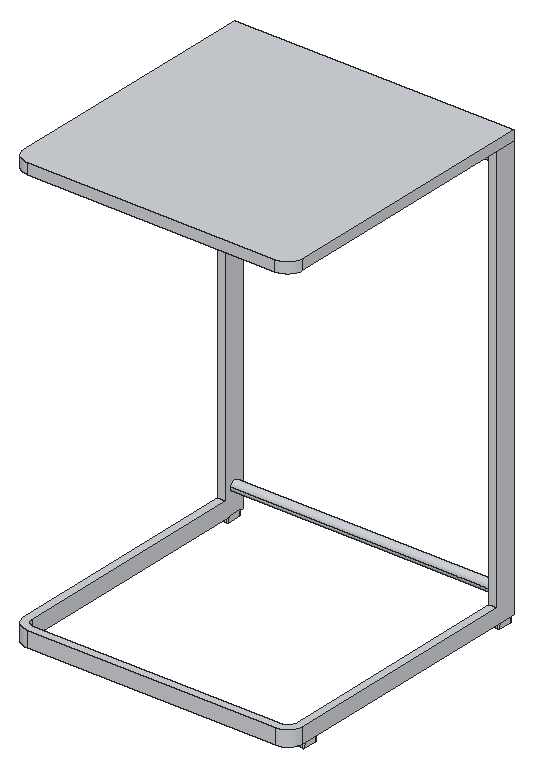
Revit family "Keilhauer_Pact_Mid Table_77411", category Furniture, Revit 2017
Family settings
  OmniClass Number = 23.40.70.14.64.11
  OmniClass Title = Office Furniture
  Work Plane-Based = No
  Always vertical = Yes
  Cut with Voids When Loaded = No
  Shared = No
  Room Calculation Point = No
Parameters (values of type "Mid Table Laminate top")
  Type = 2
  Steel Top = Type = 1  # no
  Laminate Top = Type = 2  # yes
  Base [instance] = none
  Glides [instance] = none
  URL = "http://www.keilhauer.com/"
  Product Documentation Link = "http://www.keilhauer.com/"
  Model = "77411"
  Manufacturer = "Keilhauer, Corp."  # constant formula
  Description = "Medium nesting table with laminate top"
  Copyright © = "© 2021 Keilhauer, Corp."  # constant formula
  Catalog = "Pact"  # constant formula
  Table Top [instance] = none
  Authoring Version = "Autodesk Revit 2015"  # constant formula
  Assembly Code = "E2020200"
Types (2): name | Type | Steel Top | Laminate Top | Model | Description
  Mid Table Laminate top | 2 | no | yes | "77411" | "Medium nesting table with laminate top"
  Mid Table Metal top | 1 | yes | no | "77410" | "Medium nesting table with metal top"
Reference planes (in)
  plane 1 "Center (Front/Back)": y = 0
  plane 2: z = 0
  plane 3 "Center (Left/Right)": x = 0
  plane 4 "Top": z = 20.813
  plane 5 "Base": z = 0.25
  plane 6: x = 6.56697
  plane 7: x = -6.56697
Forms (in)
  Extrusion 1, solid, material <- "Table Top", visible <- "Steel Top"
    sketch origin (0, 0, 20.813) x (0, 1, 0) y (-1, 0, 0)
      loop
        line (6.53846, 6.75596) -> (-6.21353, 6.75596)
        arc (-6.21353, 6.75596) -> (-6.74386, 6.53629) -> (-6.96353, 6.00596) r 0.75
        line (-6.96353, 6.00596) -> (-6.96353, -6.00596)
        arc (-6.96353, -6.00596) -> (-6.74386, -6.53629) -> (-6.21353, -6.75596) r 0.75
        line (-6.21353, -6.75596) -> (6.53846, -6.75596) -> (6.53846, 6.75596)
    from 0 to 0.1575
  Blend 2, solid, material <- "Table Top", visible <- "Steel Top"
    base sketch origin (0, 0, 20.813) x (0, 1, 0) y (-1, 0, 0)
      loop
        line (6.53846, 6.75596) -> (-6.21353, 6.75596)
        arc (-6.21353, 6.75596) -> (-6.74386, 6.53629) -> (-6.96353, 6.00596) r 0.75
        line (-6.96353, 6.00596) -> (-6.96353, -6.00596)
        arc (-6.96353, -6.00596) -> (-6.74386, -6.53629) -> (-6.21353, -6.75596) r 0.75
        line (-6.21353, -6.75596) -> (6.53846, -6.75596) -> (6.53846, 6.75596)
    top sketch origin (0, 0, 20.813) x (0, 1, 0) y (-1, 0, 0)
      loop
        line (6.50846, 6.72596) -> (-6.21154, 6.72596)
        arc (-6.21154, 6.72596) -> (-6.72066, 6.51508) -> (-6.93154, 6.00596) r 0.72
        line (-6.93154, 6.00596) -> (-6.93154, -6.00596)
        arc (-6.93154, -6.00596) -> (-6.72066, -6.51508) -> (-6.21154, -6.72596) r 0.72
        line (-6.21154, -6.72596) -> (6.50846, -6.72596) -> (6.50846, 6.72596)
    from 0.1575 to 0.1875
  Extrusion 3, solid, material <- "Base"
    sketch origin (6.56697, 5.53647, 47.24409) x (0, -1, 0) y (0, 0, 1)
      loop
        line (-0.6875, -27.18109) -> (-0.3125, -27.18109) -> (-0.3125, -26.43109) -> (-0.6875, -26.43109) -> (-0.6875, -27.18109)
      loop
        circle (-0.5, -45.7439) r 0.25
    from 0 to 13.13394
  Extrusion 4, solid, material <- "Base"
    sketch origin (-10.25149, -60, 0.25) x (-1, 0, 0) y (0, -1, 0)
      loop
        line (-3.49553, -66.53647) -> (-3.49553, -65.53647) -> (-3.86904, -65.53647) -> (-3.86904, -66.53647) -> (-3.49553, -66.53647)
      loop
        line (-16.63096, -66.53647) -> (-16.63096, -65.53647) -> (-17.00745, -65.53647) -> (-17.00745, -66.53647) -> (-16.63096, -66.53647)
    from 0 to 20.563
  Sweep 5, solid, material <- "Base"
    path origin (0, 0, 20.813) x (0, 1, 0) y (-1, 0, 0)
      loop
        line (6.01233, 4.38245) -> (-2.28103, 4.38245)
        arc (-2.28103, 4.38245) -> (-2.81136, 4.16278) -> (-3.03103, 3.63245) r 0.75
        line (-3.03103, 3.63245) -> (-3.03103, -3.63245)
        arc (-3.03103, -3.63245) -> (-2.81136, -4.16278) -> (-2.28103, -4.38245) r 0.75
        line (-2.28103, -4.38245) -> (6.01233, -4.38245)
    profile origin (-4.38245, 1.86565, 20.813) x (1, 0, 0) y (0, 0, 1)
      loop
        line (0.375, -0.75) -> (0.375, 0) -> (0, 0) -> (0, -0.75) -> (0.375, -0.75)
  Sweep 6, solid, material <- "Base"
    path origin (-10.25149, -60.824, 0.25) x (-1, 0, 0) y (0, -1, 0)
      loop
        line (-16.63394, -66.86029) -> (-16.63394, -54.60547)
        arc (-16.63394, -54.60547) -> (-16.52557, -54.34384) -> (-16.26394, -54.23547) r 0.37
        line (-16.26394, -54.23547) -> (-4.23904, -54.23547)
        arc (-4.23904, -54.23547) -> (-3.97741, -54.34384) -> (-3.86904, -54.60547) r 0.37
        line (-3.86904, -54.60547) -> (-3.86904, -66.86029)
    profile origin (-6.38245, -0.09112, 0.25) x (-1, 0, 0) y (0, 0, 1)
      loop
        line (0, 0.75) -> (0, 0) -> (0.375, 0) -> (0.375, 0.75) -> (0, 0.75)
  Extrusion 7, solid, material <- "Glides"
    sketch origin (0, 0, 0) x (1, 0, 0) y (0, 1, 0)
      loop
        arc (-6.69596, 6.41022) -> (-6.73839, 6.39265) -> (-6.75596, 6.35022) r 0.06
        line (-6.75596, 6.35022) -> (-6.75596, 5.72236)
        arc (-6.75596, 5.72236) -> (-6.73839, 5.67994) -> (-6.69596, 5.66236) r 0.06
        line (-6.69596, 5.66236) -> (-6.44245, 5.66236)
        arc (-6.44245, 5.66236) -> (-6.40002, 5.67994) -> (-6.38245, 5.72236) r 0.06
        line (-6.38245, 5.72236) -> (-6.38245, 6.35022)
        arc (-6.38245, 6.35022) -> (-6.40002, 6.39265) -> (-6.44245, 6.41022) r 0.06
        line (-6.44245, 6.41022) -> (-6.69596, 6.41022)
      loop
        line (-6.69596, -6.14191) -> (-6.44245, -6.14191)
        arc (-6.44245, -6.14191) -> (-6.40002, -6.12433) -> (-6.38245, -6.08191) r 0.06
        line (-6.38245, -6.08191) -> (-6.38245, -5.45405)
        arc (-6.38245, -5.45405) -> (-6.40002, -5.41162) -> (-6.44245, -5.39405) r 0.06
        line (-6.44245, -5.39405) -> (-6.69596, -5.39405)
        arc (-6.69596, -5.39405) -> (-6.73839, -5.41162) -> (-6.75596, -5.45405) r 0.06
        line (-6.75596, -5.45405) -> (-6.75596, -6.08191)
        arc (-6.75596, -6.08191) -> (-6.73839, -6.12433) -> (-6.69596, -6.14191) r 0.06
      loop
        line (6.69596, 6.41022) -> (6.44245, 6.41022)
        arc (6.44245, 6.41022) -> (6.40002, 6.39265) -> (6.38245, 6.35022) r 0.06
        line (6.38245, 6.35022) -> (6.38245, 5.72236)
        arc (6.38245, 5.72236) -> (6.40002, 5.67994) -> (6.44245, 5.66236) r 0.06
        line (6.44245, 5.66236) -> (6.69596, 5.66236)
        arc (6.69596, 5.66236) -> (6.73839, 5.67994) -> (6.75596, 5.72236) r 0.06
        line (6.75596, 5.72236) -> (6.75596, 6.35022)
        arc (6.75596, 6.35022) -> (6.73839, 6.39265) -> (6.69596, 6.41022) r 0.06
      loop
        arc (6.69596, -6.14191) -> (6.73839, -6.12433) -> (6.75596, -6.08191) r 0.06
        line (6.75596, -6.08191) -> (6.75596, -5.45405)
        arc (6.75596, -5.45405) -> (6.73839, -5.41162) -> (6.69596, -5.39405) r 0.06
        line (6.69596, -5.39405) -> (6.44245, -5.39405)
        arc (6.44245, -5.39405) -> (6.40002, -5.41162) -> (6.38245, -5.45405) r 0.06
        line (6.38245, -5.45405) -> (6.38245, -6.08191)
        arc (6.38245, -6.08191) -> (6.40002, -6.12433) -> (6.44245, -6.14191) r 0.06
        line (6.44245, -6.14191) -> (6.69596, -6.14191)
    from 0 to 0.25
  Extrusion 8, solid, material <- "Table Top", visible <- "Laminate Top"
    sketch origin (0, 0, 20.813) x (0, 1, 0) y (-1, 0, 0)
      loop
        line (6.53846, 6.75596) -> (-6.21353, 6.75596)
        arc (-6.21353, 6.75596) -> (-6.74386, 6.53629) -> (-6.96353, 6.00596) r 0.75
        line (-6.96353, 6.00596) -> (-6.96353, -6.00596)
        arc (-6.96353, -6.00596) -> (-6.74386, -6.53629) -> (-6.21353, -6.75596) r 0.75
        line (-6.21353, -6.75596) -> (6.53846, -6.75596) -> (6.53846, 6.75596)
    from 0 to 0.5
Cuts and joins
  joined: Extrusion 1, Blend 2
  joined: Extrusion 3, Extrusion 4, Sweep 5, Sweep 6
Lines and regions (in)
  Masking region 1
    outline origin (0, 0, 0) x (1, 0, 0) y (0, 1, 0)
      loop
        line (-6.75596, 6.53846) -> (-6.75596, -6.21353)
        arc (-6.75596, -6.21353) -> (-6.53629, -6.74386) -> (-6.00596, -6.96353) r 0.75
        line (-6.00596, -6.96353) -> (6.00596, -6.96353)
        arc (6.00596, -6.96353) -> (6.53629, -6.74386) -> (6.75596, -6.21353) r 0.75
        line (6.75596, -6.21353) -> (6.75596, 6.53846) -> (-6.75596, 6.53846)
Dimensions and locks (in)
  equal spacing: plane 7, plane 3 "Center (Left/Right)", plane 6
  radius of Masking region 1 sketch curve = 0.750"  (x2)
  radius of Extrusion 8 sketch curve = 0.750"  (x2)
  aligned and locked: nested 1 to plane 3 "Center (Left/Right)"
  aligned and locked: plane 1 "Center (Front/Back)" to nested 1
  aligned and locked: Extrusion 1 to plane 4 "Top"
  aligned and locked: Extrusion 3 to plane 7
  aligned and locked: Extrusion 3 to plane 6
  aligned and locked: plane 4 "Top" to Extrusion 4
  aligned and locked: Extrusion 4 to plane 5 "Base"
  aligned and locked: plane 4 "Top" to Sweep 5 sketch curve
  aligned and locked: profile plane to Sweep 5 sketch curve
  aligned and locked: plane 5 "Base" to Sweep 6 sketch curve
  aligned and locked: plane 2 to Extrusion 7
  aligned and locked: plane 5 "Base" to Extrusion 7
  aligned and locked: Masking region 1 sketch curve to cut or joined group of Extrusion 1, Blend 2  (x3)
  aligned and locked: Extrusion 8 sketch curve to cut or joined group of Extrusion 1, Blend 2  (x3)
Automatic sketch dimensions
  Extrusion 3 sketch curve to plane 4 "Top" = 0.000"
  Extrusion 3 sketch curve to plane 1 "Center (Front/Back)" = 6.22397"
  plane 5 "Base" to Extrusion 3 sketch curve = 1.25019"
  Extrusion 3 sketch curve to plane 1 "Center (Front/Back)" = 6.03647"
  Extrusion 3 sketch curve to Extrusion 3 sketch curve = 0.375"
  Extrusion 3 sketch curve to Extrusion 3 sketch curve = 0.750"
  Extrusion 4 sketch curve to plane 6 = 0.18899"
  plane 6 to Extrusion 4 sketch curve = 0.1875"
  plane 7 to Extrusion 4 sketch curve = 0.18452"
  Extrusion 4 sketch curve to plane 7 = 0.18899"
  Extrusion 4 sketch curve to plane 1 "Center (Front/Back)" = 6.53647"  (x2)
  Extrusion 4 sketch curve to Extrusion 4 sketch curve = 1.000"  (x2)
  plane 1 "Center (Front/Back)" to Sweep 5 sketch curve = 3.03103"
  Sweep 5 sketch curve to Sweep 5 sketch curve = 0.750"  (x3)
  plane 6 to Sweep 5 sketch curve = 2.18452"
  plane 7 to Sweep 5 sketch curve = 2.93452"
  Sweep 5 sketch curve to plane 1 "Center (Front/Back)" = 6.01233"  (x2)
  Sweep 5 sketch curve to profile plane = 0.375"
  Sweep 6 sketch curve to profile plane = 0.000"
  Sweep 6 sketch curve to Sweep 6 sketch curve = 0.375"
  plane 5 "Base" to Sweep 6 sketch curve = 0.750"
  Extrusion 7 sketch curve to plane 7 = 0.18899"  (x2)
  Extrusion 7 sketch curve to Extrusion 7 sketch curve = 0.060"  (x12)
  plane 7 to Extrusion 7 sketch curve = 0.12452"  (x4)
  plane 6 to Extrusion 7 sketch curve = 0.18452"  (x2)
  Extrusion 7 sketch curve to plane 6 = 0.12899"  (x4)
  plane 1 "Center (Front/Back)" to Extrusion 7 sketch curve = 6.14191"  (x2)
  Extrusion 7 sketch curve to Extrusion 7 sketch curve = 0.62786"  (x4)
  Extrusion 7 sketch curve to plane 1 "Center (Front/Back)" = 5.66236"  (x2)
  plane 6 to Sweep 6 sketch curve = 0.18452"
  Sweep 6 sketch curve to Sweep 6 sketch curve = 0.370"
  plane 7 to Sweep 6 sketch curve = 0.55452"
  plane 7 to Sweep 6 sketch curve = 0.18452"
  plane 1 "Center (Front/Back)" to Sweep 6 sketch curve = 6.21853"
  Sweep 6 sketch curve to plane 1 "Center (Front/Back)" = 6.03629"  (x2)
  plane 1 "Center (Front/Back)" to Masking region 1 sketch curve = 6.21353"
  plane 1 "Center (Front/Back)" to Extrusion 8 sketch curve = 6.21353"
  plane 7 to Blend 2 sketch curve = 0.56101"
  plane 1 "Center (Front/Back)" to Blend 2 sketch curve = 6.96353"
  plane 6 to Blend 2 sketch curve = 0.56101"  (x2)
  Blend 2 sketch curve to Blend 2 sketch curve = 0.750"
  Blend 2 sketch curve to plane 7 = 0.18899"
  Blend 2 sketch curve to plane 1 "Center (Front/Back)" = 6.53846"
  plane 1 "Center (Front/Back)" to Blend 2 sketch curve = 6.93154"
  Blend 2 sketch curve to plane 6 = 0.15899"
  Blend 2 sketch curve to Blend 2 sketch curve = 0.720"
  Blend 2 sketch curve to plane 7 = 0.15899"
  Blend 2 sketch curve to plane 1 "Center (Front/Back)" = 6.50846"
  plane 7 to Extrusion 1 sketch curve = 0.56101"
  plane 1 "Center (Front/Back)" to Extrusion 1 sketch curve = 6.96353"
  Extrusion 1 sketch curve to plane 6 = 0.18899"
  Extrusion 1 sketch curve to Extrusion 1 sketch curve = 0.750"  (x2)
  Extrusion 1 sketch curve to plane 1 "Center (Front/Back)" = 6.53846"
  radius of Extrusion 3 sketch curve = 0.250"
Nested families (in)
  nested 1: "Furniture_Tag" at (0, 0, 0), type "Center", detail levels fine
    with Offset (LR) 0.000"
Definition of nested family "Furniture_Tag"
  Parameters
    P_Width = 0.000"
    Text_Width = "Empty"
    Text_Height = "Empty"
    Text_Diameter = "Empty"
    Text_Depth = "Empty"
    Offset (LR) [instance] = 0.000"
    Model Name = "Type Catalog"
    P_Height = 0.000"
    Distance of Center (not Change) = 0.000"
    P_Diameter = 0.000"
    P_Depth = 0.000"
  Reference planes (in)
    plane 1: y = 0
    plane 2: x = 0
  Lines and regions (in)
    reference lines
      curve 1: line (-0.44359, 0, 0) -> (0.41085, 0, 0)
      curve 3: line (0, 0.32564, 0) -> (0, -0.40221, 0)
    reference lines, not visible
      curve 2: line (-0.44359, 0.09843, 0) -> (0.41085, 0.09843, 0)
      curve 4: line (0, 0.42407, 0) -> (0, -0.30379, 0)
  Text (in)
    label "Empty" at (0.00197, -0.0079, 0), shows "Model Name"
    label "Empty" at (0.00197, 0.09052, 0), shows "Model Name", not visible
  Dimensions and locks (in)
    "Distance of Center (not Change)": plane 1 to curve 1
    "Offset (LR)": curve 3 to plane 2
  Automatic sketch dimensions
    curve 1 to curve 3 = 0.44359"
    curve 3 to curve 1 = 0.41085"
    curve 3 to curve 1 = 0.40221"
    curve 1 to curve 3 = 0.32564"
    curve 2 to curve 4 = 0.44359"
    curve 4 to curve 2 = 0.41085"
    curve 4 to curve 2 = 0.40221"
    curve 2 to curve 4 = 0.32564"
